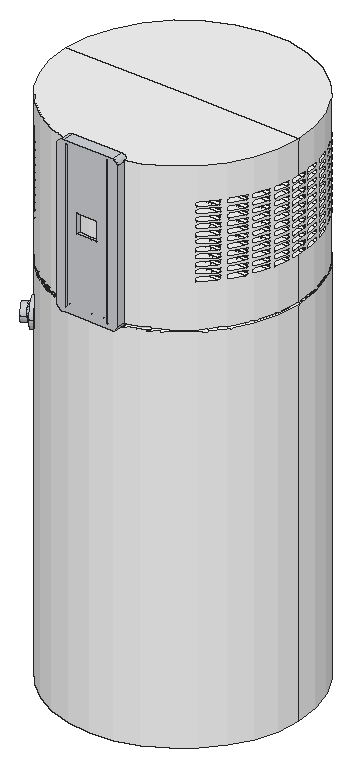
Revit family "STIEBEL ELTRON_WWK 222", category Generic Models, Revit 2022 (continued)
Forms (mm)
  Extrusion 8, void
    sketch origin (205, 414.536, 4650) x (0, -1, 0) y (0, 0, -1)
      loop
        line (168.254, 3407.334) -> (168.254, 3404.001)
        arc (168.254, 3404.001) -> (169.719, 3400.466) -> (173.254, 3399.001) r 5
      loop
        line (229.578, 3399.001) -> (265.902, 3399.001)
        arc (265.902, 3399.001) -> (269.438, 3400.466) -> (270.902, 3404.001) r 5
        line (270.902, 3404.001) -> (270.902, 3407.334)
        arc (270.902, 3407.334) -> (269.438, 3410.87) -> (265.902, 3412.334) r 5
        line (265.902, 3412.334) -> (229.578, 3412.334)
        arc (229.578, 3412.334) -> (226.043, 3410.87) -> (224.578, 3407.334) r 5
        line (224.578, 3407.334) -> (224.578, 3404.001)
        arc (224.578, 3404.001) -> (226.043, 3400.466) -> (229.578, 3399.001) r 5
      loop
        line (285.902, 3399.001) -> (322.226, 3399.001)
        arc (322.226, 3399.001) -> (325.762, 3400.466) -> (327.226, 3404.001) r 5
        line (327.226, 3404.001) -> (327.226, 3407.334)
        arc (327.226, 3407.334) -> (325.762, 3410.87) -> (322.226, 3412.334) r 5
        line (322.226, 3412.334) -> (285.902, 3412.334)
        arc (285.902, 3412.334) -> (282.367, 3410.87) -> (280.902, 3407.334) r 5
        line (280.902, 3407.334) -> (280.902, 3404.001)
        arc (280.902, 3404.001) -> (282.367, 3400.466) -> (285.902, 3399.001) r 5
    from 0 to 250
  Sweep 9, void
    path origin (0, 0, -357.5) x (1, 0, 0) y (0, 1, 0)
      loop
        circle (0, 0) r 345
    profile origin (0, -345, -357.5) x (0, -1, 0) y (0, 0, 1)
      loop
        arc (0, 1468.532) -> (-2.907, 1465.625) -> (0, 1462.718) r 2.907
        line (0, 1462.718) -> (0, 1468.532)
  Extrusion 10, solid
    sketch origin (0, 0, 0) x (1, 0, 0) y (0, -1, 0)
      loop
        line (-19.589, 258.388) -> (25.411, 258.388) -> (25.411, 278.388) -> (-19.589, 278.388) -> (-19.589, 258.388)
      loop
        line (-258.388, 19.589) -> (-278.388, 19.589) -> (-278.388, -25.411) -> (-258.388, -25.411) -> (-258.388, 19.589)
      loop
        line (258.388, 19.589) -> (258.388, -25.411) -> (278.388, -25.411) -> (278.388, 19.589) -> (258.388, 19.589)
      loop
        line (-19.589, -258.388) -> (-19.589, -278.388) -> (25.411, -278.388) -> (25.411, -258.388) -> (-19.589, -258.388)
    from 0 to 24
  Extrusion 11, void
    sketch origin (-205, 414.536, 4650) x (0, -1, 0) y (0, 0, 1)
      loop
        arc (342.226, -3199.001) -> (338.691, -3200.466) -> (337.226, -3204.001) r 5
        line (337.226, -3204.001) -> (337.226, -3207.334)
        arc (337.226, -3207.334) -> (338.691, -3210.87) -> (342.226, -3212.334) r 5
        line (342.226, -3212.334) -> (378.55, -3212.334)
        arc (378.55, -3212.334) -> (382.086, -3210.87) -> (383.55, -3207.334) r 5
        line (383.55, -3207.334) -> (383.55, -3204.001)
        arc (383.55, -3204.001) -> (382.086, -3200.466) -> (378.55, -3199.001) r 5
        line (378.55, -3199.001) -> (342.226, -3199.001)
      loop
        arc (398.55, -3199.001) -> (395.015, -3200.466) -> (393.55, -3204.001) r 5
        line (393.55, -3204.001) -> (393.55, -3207.334)
        arc (393.55, -3207.334) -> (395.015, -3210.87) -> (398.55, -3212.334) r 5
        line (398.55, -3212.334) -> (434.874, -3212.334)
        arc (434.874, -3212.334) -> (438.41, -3210.87) -> (439.874, -3207.334) r 5
        line (439.874, -3207.334) -> (439.874, -3204.001)
        arc (439.874, -3204.001) -> (438.41, -3200.466) -> (434.874, -3199.001) r 5
        line (434.874, -3199.001) -> (398.55, -3199.001)
      loop
        arc (454.874, -3199.001) -> (451.339, -3200.466) -> (449.874, -3204.001) r 5
        line (449.874, -3204.001) -> (449.874, -3207.334)
        arc (449.874, -3207.334) -> (451.339, -3210.87) -> (454.874, -3212.334) r 5
        line (454.874, -3212.334) -> (491.198, -3212.334)
        arc (491.198, -3212.334) -> (494.734, -3210.87) -> (496.198, -3207.334) r 5
        line (496.198, -3207.334) -> (496.198, -3204.001)
        arc (496.198, -3204.001) -> (494.734, -3200.466) -> (491.198, -3199.001) r 5
        line (491.198, -3199.001) -> (454.874, -3199.001)
      loop
        arc (511.198, -3199.001) -> (507.663, -3200.466) -> (506.198, -3204.001) r 5
        line (506.198, -3204.001) -> (506.198, -3207.334)
        arc (506.198, -3207.334) -> (507.663, -3210.87) -> (511.198, -3212.334) r 5
        line (511.198, -3212.334) -> (547.522, -3212.334)
        arc (547.522, -3212.334) -> (551.058, -3210.87) -> (552.522, -3207.334) r 5
        line (552.522, -3207.334) -> (552.522, -3204.001)
        arc (552.522, -3204.001) -> (551.058, -3200.466) -> (547.522, -3199.001) r 5
        line (547.522, -3199.001) -> (511.198, -3199.001)
      loop
        arc (567.522, -3199.001) -> (563.987, -3200.466) -> (562.522, -3204.001) r 5
        line (562.522, -3204.001) -> (562.522, -3207.334)
        arc (562.522, -3207.334) -> (563.987, -3210.87) -> (567.522, -3212.334) r 5
        line (567.522, -3212.334) -> (603.846, -3212.334)
        arc (603.846, -3212.334) -> (607.382, -3210.87) -> (608.846, -3207.334) r 5
        line (608.846, -3207.334) -> (608.846, -3204.001)
        arc (608.846, -3204.001) -> (607.382, -3200.466) -> (603.846, -3199.001) r 5
        line (603.846, -3199.001) -> (567.522, -3199.001)
      loop
        arc (623.846, -3199.001) -> (620.311, -3200.466) -> (618.846, -3204.001) r 5
        line (618.846, -3204.001) -> (618.846, -3207.334)
        arc (618.846, -3207.334) -> (620.311, -3210.87) -> (623.846, -3212.334) r 5
        line (623.846, -3212.334) -> (660.17, -3212.334)
        arc (660.17, -3212.334) -> (663.706, -3210.87) -> (665.17, -3207.334) r 5
        line (665.17, -3207.334) -> (665.17, -3204.001)
        arc (665.17, -3204.001) -> (663.706, -3200.466) -> (660.17, -3199.001) r 5
        line (660.17, -3199.001) -> (623.846, -3199.001)
      loop
        arc (173.254, -3199.001) -> (169.719, -3200.466) -> (168.254, -3204.001) r 5
        line (168.254, -3204.001) -> (168.254, -3207.334)
        arc (168.254, -3207.334) -> (169.719, -3210.87) -> (173.254, -3212.334) r 5
        line (173.254, -3212.334) -> (209.578, -3212.334)
        arc (209.578, -3212.334) -> (213.114, -3210.87) -> (214.578, -3207.334) r 5
        line (214.578, -3207.334) -> (214.578, -3204.001)
        arc (214.578, -3204.001) -> (213.114, -3200.466) -> (209.578, -3199.001) r 5
        line (209.578, -3199.001) -> (173.254, -3199.001)
      loop
        arc (229.578, -3199.001) -> (226.043, -3200.466) -> (224.578, -3204.001) r 5
        line (224.578, -3204.001) -> (224.578, -3207.334)
        arc (224.578, -3207.334) -> (226.043, -3210.87) -> (229.578, -3212.334) r 5
        line (229.578, -3212.334) -> (265.902, -3212.334)
        arc (265.902, -3212.334) -> (269.438, -3210.87) -> (270.902, -3207.334) r 5
        line (270.902, -3207.334) -> (270.902, -3204.001)
        arc (270.902, -3204.001) -> (269.438, -3200.466) -> (265.902, -3199.001) r 5
        line (265.902, -3199.001) -> (229.578, -3199.001)
      loop
        arc (285.902, -3199.001) -> (282.367, -3200.466) -> (280.902, -3204.001) r 5
        line (280.902, -3204.001) -> (280.902, -3207.334)
        arc (280.902, -3207.334) -> (282.367, -3210.87) -> (285.902, -3212.334) r 5
        line (285.902, -3212.334) -> (322.226, -3212.334)
        arc (322.226, -3212.334) -> (325.762, -3210.87) -> (327.226, -3207.334) r 5
        line (327.226, -3207.334) -> (327.226, -3204.001)
        arc (327.226, -3204.001) -> (325.762, -3200.466) -> (322.226, -3199.001) r 5
        line (322.226, -3199.001) -> (285.902, -3199.001)
      loop
        arc (342.226, -3219.001) -> (338.691, -3220.466) -> (337.226, -3224.001) r 5
        line (337.226, -3224.001) -> (337.226, -3227.334)
        arc (337.226, -3227.334) -> (338.691, -3230.87) -> (342.226, -3232.334) r 5
        line (342.226, -3232.334) -> (378.55, -3232.334)
        arc (378.55, -3232.334) -> (382.086, -3230.87) -> (383.55, -3227.334) r 5
        line (383.55, -3227.334) -> (383.55, -3224.001)
        arc (383.55, -3224.001) -> (382.086, -3220.466) -> (378.55, -3219.001) r 5
        line (378.55, -3219.001) -> (342.226, -3219.001)
      loop
        arc (398.55, -3219.001) -> (395.015, -3220.466) -> (393.55, -3224.001) r 5
        line (393.55, -3224.001) -> (393.55, -3227.334)
        arc (393.55, -3227.334) -> (395.015, -3230.87) -> (398.55, -3232.334) r 5
        line (398.55, -3232.334) -> (434.874, -3232.334)
        arc (434.874, -3232.334) -> (438.41, -3230.87) -> (439.874, -3227.334) r 5
        line (439.874, -3227.334) -> (439.874, -3224.001)
        arc (439.874, -3224.001) -> (438.41, -3220.466) -> (434.874, -3219.001) r 5
        line (434.874, -3219.001) -> (398.55, -3219.001)
      loop
        arc (454.874, -3219.001) -> (451.339, -3220.466) -> (449.874, -3224.001) r 5
        line (449.874, -3224.001) -> (449.874, -3227.334)
        arc (449.874, -3227.334) -> (451.339, -3230.87) -> (454.874, -3232.334) r 5
        line (454.874, -3232.334) -> (491.198, -3232.334)
        arc (491.198, -3232.334) -> (494.734, -3230.87) -> (496.198, -3227.334) r 5
        line (496.198, -3227.334) -> (496.198, -3224.001)
        arc (496.198, -3224.001) -> (494.734, -3220.466) -> (491.198, -3219.001) r 5
        line (491.198, -3219.001) -> (454.874, -3219.001)
      loop
        arc (511.198, -3219.001) -> (507.663, -3220.466) -> (506.198, -3224.001) r 5
        line (506.198, -3224.001) -> (506.198, -3227.334)
        arc (506.198, -3227.334) -> (507.663, -3230.87) -> (511.198, -3232.334) r 5
        line (511.198, -3232.334) -> (547.522, -3232.334)
        arc (547.522, -3232.334) -> (551.058, -3230.87) -> (552.522, -3227.334) r 5
        line (552.522, -3227.334) -> (552.522, -3224.001)
        arc (552.522, -3224.001) -> (551.058, -3220.466) -> (547.522, -3219.001) r 5
        line (547.522, -3219.001) -> (511.198, -3219.001)
      loop
        arc (567.522, -3219.001) -> (563.987, -3220.466) -> (562.522, -3224.001) r 5
        line (562.522, -3224.001) -> (562.522, -3227.334)
        arc (562.522, -3227.334) -> (563.987, -3230.87) -> (567.522, -3232.334) r 5
        line (567.522, -3232.334) -> (603.846, -3232.334)
        arc (603.846, -3232.334) -> (607.382, -3230.87) -> (608.846, -3227.334) r 5
        line (608.846, -3227.334) -> (608.846, -3224.001)
        arc (608.846, -3224.001) -> (607.382, -3220.466) -> (603.846, -3219.001) r 5
        line (603.846, -3219.001) -> (567.522, -3219.001)
      loop
        arc (623.846, -3219.001) -> (620.311, -3220.466) -> (618.846, -3224.001) r 5
        line (618.846, -3224.001) -> (618.846, -3227.334)
        arc (618.846, -3227.334) -> (620.311, -3230.87) -> (623.846, -3232.334) r 5
        line (623.846, -3232.334) -> (660.17, -3232.334)
        arc (660.17, -3232.334) -> (663.706, -3230.87) -> (665.17, -3227.334) r 5
        line (665.17, -3227.334) -> (665.17, -3224.001)
        arc (665.17, -3224.001) -> (663.706, -3220.466) -> (660.17, -3219.001) r 5
        line (660.17, -3219.001) -> (623.846, -3219.001)
      loop
        arc (173.254, -3219.001) -> (169.719, -3220.466) -> (168.254, -3224.001) r 5
        line (168.254, -3224.001) -> (168.254, -3227.334)
        arc (168.254, -3227.334) -> (169.719, -3230.87) -> (173.254, -3232.334) r 5
        line (173.254, -3232.334) -> (209.578, -3232.334)
        arc (209.578, -3232.334) -> (213.114, -3230.87) -> (214.578, -3227.334) r 5
        line (214.578, -3227.334) -> (214.578, -3224.001)
        arc (214.578, -3224.001) -> (213.114, -3220.466) -> (209.578, -3219.001) r 5
        line (209.578, -3219.001) -> (173.254, -3219.001)
      loop
        arc (229.578, -3219.001) -> (226.043, -3220.466) -> (224.578, -3224.001) r 5
        line (224.578, -3224.001) -> (224.578, -3227.334)
        arc (224.578, -3227.334) -> (226.043, -3230.87) -> (229.578, -3232.334) r 5
        line (229.578, -3232.334) -> (265.902, -3232.334)
        arc (265.902, -3232.334) -> (269.438, -3230.87) -> (270.902, -3227.334) r 5
        line (270.902, -3227.334) -> (270.902, -3224.001)
        arc (270.902, -3224.001) -> (269.438, -3220.466) -> (265.902, -3219.001) r 5
        line (265.902, -3219.001) -> (229.578, -3219.001)
      loop
        arc (285.902, -3219.001) -> (282.367, -3220.466) -> (280.902, -3224.001) r 5
        line (280.902, -3224.001) -> (280.902, -3227.334)
        arc (280.902, -3227.334) -> (282.367, -3230.87) -> (285.902, -3232.334) r 5
        line (285.902, -3232.334) -> (322.226, -3232.334)
        arc (322.226, -3232.334) -> (325.762, -3230.87) -> (327.226, -3227.334) r 5
        line (327.226, -3227.334) -> (327.226, -3224.001)
        arc (327.226, -3224.001) -> (325.762, -3220.466) -> (322.226, -3219.001) r 5
        line (322.226, -3219.001) -> (285.902, -3219.001)
      loop
        arc (342.226, -3239.001) -> (338.691, -3240.466) -> (337.226, -3244.001) r 5
        line (337.226, -3244.001) -> (337.226, -3247.334)
        arc (337.226, -3247.334) -> (338.691, -3250.87) -> (342.226, -3252.334) r 5
        line (342.226, -3252.334) -> (378.55, -3252.334)
        arc (378.55, -3252.334) -> (382.086, -3250.87) -> (383.55, -3247.334) r 5
        line (383.55, -3247.334) -> (383.55, -3244.001)
        arc (383.55, -3244.001) -> (382.086, -3240.466) -> (378.55, -3239.001) r 5
        line (378.55, -3239.001) -> (342.226, -3239.001)
      loop
        arc (398.55, -3239.001) -> (395.015, -3240.466) -> (393.55, -3244.001) r 5
        line (393.55, -3244.001) -> (393.55, -3247.334)
        arc (393.55, -3247.334) -> (395.015, -3250.87) -> (398.55, -3252.334) r 5
        line (398.55, -3252.334) -> (434.874, -3252.334)
        arc (434.874, -3252.334) -> (438.41, -3250.87) -> (439.874, -3247.334) r 5
        line (439.874, -3247.334) -> (439.874, -3244.001)
        arc (439.874, -3244.001) -> (438.41, -3240.466) -> (434.874, -3239.001) r 5
        line (434.874, -3239.001) -> (398.55, -3239.001)
      loop
        arc (454.874, -3239.001) -> (451.339, -3240.466) -> (449.874, -3244.001) r 5
        line (449.874, -3244.001) -> (449.874, -3247.334)
        arc (449.874, -3247.334) -> (451.339, -3250.87) -> (454.874, -3252.334) r 5
        line (454.874, -3252.334) -> (491.198, -3252.334)
        arc (491.198, -3252.334) -> (494.734, -3250.87) -> (496.198, -3247.334) r 5
        line (496.198, -3247.334) -> (496.198, -3244.001)
        arc (496.198, -3244.001) -> (494.734, -3240.466) -> (491.198, -3239.001) r 5
        line (491.198, -3239.001) -> (454.874, -3239.001)
      loop
        arc (511.198, -3239.001) -> (507.663, -3240.466) -> (506.198, -3244.001) r 5
        line (506.198, -3244.001) -> (506.198, -3247.334)
        arc (506.198, -3247.334) -> (507.663, -3250.87) -> (511.198, -3252.334) r 5
        line (511.198, -3252.334) -> (547.522, -3252.334)
        arc (547.522, -3252.334) -> (551.058, -3250.87) -> (552.522, -3247.334) r 5
        line (552.522, -3247.334) -> (552.522, -3244.001)
        arc (552.522, -3244.001) -> (551.058, -3240.466) -> (547.522, -3239.001) r 5
        line (547.522, -3239.001) -> (511.198, -3239.001)
      loop
        arc (567.522, -3239.001) -> (563.987, -3240.466) -> (562.522, -3244.001) r 5
        line (562.522, -3244.001) -> (562.522, -3247.334)
        arc (562.522, -3247.334) -> (563.987, -3250.87) -> (567.522, -3252.334) r 5
        line (567.522, -3252.334) -> (603.846, -3252.334)
        arc (603.846, -3252.334) -> (607.382, -3250.87) -> (608.846, -3247.334) r 5
        line (608.846, -3247.334) -> (608.846, -3244.001)
        arc (608.846, -3244.001) -> (607.382, -3240.466) -> (603.846, -3239.001) r 5
        line (603.846, -3239.001) -> (567.522, -3239.001)
      loop
        arc (623.846, -3239.001) -> (620.311, -3240.466) -> (618.846, -3244.001) r 5
        line (618.846, -3244.001) -> (618.846, -3247.334)
        arc (618.846, -3247.334) -> (620.311, -3250.87) -> (623.846, -3252.334) r 5
        line (623.846, -3252.334) -> (660.17, -3252.334)
        arc (660.17, -3252.334) -> (663.706, -3250.87) -> (665.17, -3247.334) r 5
        line (665.17, -3247.334) -> (665.17, -3244.001)
        arc (665.17, -3244.001) -> (663.706, -3240.466) -> (660.17, -3239.001) r 5
        line (660.17, -3239.001) -> (623.846, -3239.001)
      loop
        arc (173.254, -3239.001) -> (169.719, -3240.466) -> (168.254, -3244.001) r 5
        line (168.254, -3244.001) -> (168.254, -3247.334)
        arc (168.254, -3247.334) -> (169.719, -3250.87) -> (173.254, -3252.334) r 5
        line (173.254, -3252.334) -> (209.578, -3252.334)
        arc (209.578, -3252.334) -> (213.114, -3250.87) -> (214.578, -3247.334) r 5
        line (214.578, -3247.334) -> (214.578, -3244.001)
        arc (214.578, -3244.001) -> (213.114, -3240.466) -> (209.578, -3239.001) r 5
        line (209.578, -3239.001) -> (173.254, -3239.001)
      loop
        arc (229.578, -3239.001) -> (226.043, -3240.466) -> (224.578, -3244.001) r 5
        line (224.578, -3244.001) -> (224.578, -3247.334)
        arc (224.578, -3247.334) -> (226.043, -3250.87) -> (229.578, -3252.334) r 5
        line (229.578, -3252.334) -> (265.902, -3252.334)
        arc (265.902, -3252.334) -> (269.438, -3250.87) -> (270.902, -3247.334) r 5
        line (270.902, -3247.334) -> (270.902, -3244.001)
        arc (270.902, -3244.001) -> (269.438, -3240.466) -> (265.902, -3239.001) r 5
        line (265.902, -3239.001) -> (229.578, -3239.001)
      loop
        arc (285.902, -3239.001) -> (282.367, -3240.466) -> (280.902, -3244.001) r 5
        line (280.902, -3244.001) -> (280.902, -3247.334)
        arc (280.902, -3247.334) -> (282.367, -3250.87) -> (285.902, -3252.334) r 5
        line (285.902, -3252.334) -> (322.226, -3252.334)
        arc (322.226, -3252.334) -> (325.762, -3250.87) -> (327.226, -3247.334) r 5
        line (327.226, -3247.334) -> (327.226, -3244.001)
        arc (327.226, -3244.001) -> (325.762, -3240.466) -> (322.226, -3239.001) r 5
        line (322.226, -3239.001) -> (285.902, -3239.001)
      loop
        arc (342.226, -3259.001) -> (338.691, -3260.466) -> (337.226, -3264.001) r 5
        line (337.226, -3264.001) -> (337.226, -3267.334)
        arc (337.226, -3267.334) -> (338.691, -3270.87) -> (342.226, -3272.334) r 5
        line (342.226, -3272.334) -> (378.55, -3272.334)
        arc (378.55, -3272.334) -> (382.086, -3270.87) -> (383.55, -3267.334) r 5
        line (383.55, -3267.334) -> (383.55, -3264.001)
        arc (383.55, -3264.001) -> (382.086, -3260.466) -> (378.55, -3259.001) r 5
        line (378.55, -3259.001) -> (342.226, -3259.001)
      loop
        arc (398.55, -3259.001) -> (395.015, -3260.466) -> (393.55, -3264.001) r 5
        line (393.55, -3264.001) -> (393.55, -3267.334)
        arc (393.55, -3267.334) -> (395.015, -3270.87) -> (398.55, -3272.334) r 5
        line (398.55, -3272.334) -> (434.874, -3272.334)
        arc (434.874, -3272.334) -> (438.41, -3270.87) -> (439.874, -3267.334) r 5
        line (439.874, -3267.334) -> (439.874, -3264.001)
        arc (439.874, -3264.001) -> (438.41, -3260.466) -> (434.874, -3259.001) r 5
        line (434.874, -3259.001) -> (398.55, -3259.001)
      loop
        arc (454.874, -3259.001) -> (451.339, -3260.466) -> (449.874, -3264.001) r 5
        line (449.874, -3264.001) -> (449.874, -3267.334)
        arc (449.874, -3267.334) -> (451.339, -3270.87) -> (454.874, -3272.334) r 5
        line (454.874, -3272.334) -> (491.198, -3272.334)
        arc (491.198, -3272.334) -> (494.734, -3270.87) -> (496.198, -3267.334) r 5
        line (496.198, -3267.334) -> (496.198, -3264.001)
        arc (496.198, -3264.001) -> (494.734, -3260.466) -> (491.198, -3259.001) r 5
        line (491.198, -3259.001) -> (454.874, -3259.001)
      loop
        arc (511.198, -3259.001) -> (507.663, -3260.466) -> (506.198, -3264.001) r 5
        line (506.198, -3264.001) -> (506.198, -3267.334)
        arc (506.198, -3267.334) -> (507.663, -3270.87) -> (511.198, -3272.334) r 5
        line (511.198, -3272.334) -> (547.522, -3272.334)
        arc (547.522, -3272.334) -> (551.058, -3270.87) -> (552.522, -3267.334) r 5
        line (552.522, -3267.334) -> (552.522, -3264.001)
        arc (552.522, -3264.001) -> (551.058, -3260.466) -> (547.522, -3259.001) r 5
        line (547.522, -3259.001) -> (511.198, -3259.001)
      loop
        arc (567.522, -3259.001) -> (563.987, -3260.466) -> (562.522, -3264.001) r 5
        line (562.522, -3264.001) -> (562.522, -3267.334)
        arc (562.522, -3267.334) -> (563.987, -3270.87) -> (567.522, -3272.334) r 5
        line (567.522, -3272.334) -> (603.846, -3272.334)
        arc (603.846, -3272.334) -> (607.382, -3270.87) -> (608.846, -3267.334) r 5
        line (608.846, -3267.334) -> (608.846, -3264.001)
        arc (608.846, -3264.001) -> (607.382, -3260.466) -> (603.846, -3259.001) r 5
        line (603.846, -3259.001) -> (567.522, -3259.001)
      loop
        arc (623.846, -3259.001) -> (620.311, -3260.466) -> (618.846, -3264.001) r 5
        line (618.846, -3264.001) -> (618.846, -3267.334)
        arc (618.846, -3267.334) -> (620.311, -3270.87) -> (623.846, -3272.334) r 5
        line (623.846, -3272.334) -> (660.17, -3272.334)
        arc (660.17, -3272.334) -> (663.706, -3270.87) -> (665.17, -3267.334) r 5
        line (665.17, -3267.334) -> (665.17, -3264.001)
        arc (665.17, -3264.001) -> (663.706, -3260.466) -> (660.17, -3259.001) r 5
        line (660.17, -3259.001) -> (623.846, -3259.001)
      loop
        arc (173.254, -3259.001) -> (169.719, -3260.466) -> (168.254, -3264.001) r 5
        line (168.254, -3264.001) -> (168.254, -3267.334)
        arc (168.254, -3267.334) -> (169.719, -3270.87) -> (173.254, -3272.334) r 5
        line (173.254, -3272.334) -> (209.578, -3272.334)
        arc (209.578, -3272.334) -> (213.114, -3270.87) -> (214.578, -3267.334) r 5
        line (214.578, -3267.334) -> (214.578, -3264.001)
        arc (214.578, -3264.001) -> (213.114, -3260.466) -> (209.578, -3259.001) r 5
        line (209.578, -3259.001) -> (173.254, -3259.001)
      loop
        arc (229.578, -3259.001) -> (226.043, -3260.466) -> (224.578, -3264.001) r 5
        line (224.578, -3264.001) -> (224.578, -3267.334)
        arc (224.578, -3267.334) -> (226.043, -3270.87) -> (229.578, -3272.334) r 5
        line (229.578, -3272.334) -> (265.902, -3272.334)
        arc (265.902, -3272.334) -> (269.438, -3270.87) -> (270.902, -3267.334) r 5
        line (270.902, -3267.334) -> (270.902, -3264.001)
        arc (270.902, -3264.001) -> (269.438, -3260.466) -> (265.902, -3259.001) r 5
        line (265.902, -3259.001) -> (229.578, -3259.001)
      loop
        arc (285.902, -3259.001) -> (282.367, -3260.466) -> (280.902, -3264.001) r 5
        line (280.902, -3264.001) -> (280.902, -3267.334)
        arc (280.902, -3267.334) -> (282.367, -3270.87) -> (285.902, -3272.334) r 5
        line (285.902, -3272.334) -> (322.226, -3272.334)
        arc (322.226, -3272.334) -> (325.762, -3270.87) -> (327.226, -3267.334) r 5
        line (327.226, -3267.334) -> (327.226, -3264.001)
        arc (327.226, -3264.001) -> (325.762, -3260.466) -> (322.226, -3259.001) r 5
        line (322.226, -3259.001) -> (285.902, -3259.001)
      loop
        arc (342.226, -3279.001) -> (338.691, -3280.466) -> (337.226, -3284.001) r 5
        line (337.226, -3284.001) -> (337.226, -3287.334)
        arc (337.226, -3287.334) -> (338.691, -3290.87) -> (342.226, -3292.334) r 5
        line (342.226, -3292.334) -> (378.55, -3292.334)
        arc (378.55, -3292.334) -> (382.086, -3290.87) -> (383.55, -3287.334) r 5
        line (383.55, -3287.334) -> (383.55, -3284.001)
        arc (383.55, -3284.001) -> (382.086, -3280.466) -> (378.55, -3279.001) r 5
        line (378.55, -3279.001) -> (342.226, -3279.001)
      loop
        arc (398.55, -3279.001) -> (395.015, -3280.466) -> (393.55, -3284.001) r 5
        line (393.55, -3284.001) -> (393.55, -3287.334)
        arc (393.55, -3287.334) -> (395.015, -3290.87) -> (398.55, -3292.334) r 5
        line (398.55, -3292.334) -> (434.874, -3292.334)
        arc (434.874, -3292.334) -> (438.41, -3290.87) -> (439.874, -3287.334) r 5
        line (439.874, -3287.334) -> (439.874, -3284.001)
        arc (439.874, -3284.001) -> (438.41, -3280.466) -> (434.874, -3279.001) r 5
        line (434.874, -3279.001) -> (398.55, -3279.001)
      loop
        arc (454.874, -3279.001) -> (451.339, -3280.466) -> (449.874, -3284.001) r 5
        line (449.874, -3284.001) -> (449.874, -3287.334)
        arc (449.874, -3287.334) -> (451.339, -3290.87) -> (454.874, -3292.334) r 5
        line (454.874, -3292.334) -> (491.198, -3292.334)
        arc (491.198, -3292.334) -> (494.734, -3290.87) -> (496.198, -3287.334) r 5
        line (496.198, -3287.334) -> (496.198, -3284.001)
        arc (496.198, -3284.001) -> (494.734, -3280.466) -> (491.198, -3279.001) r 5
        line (491.198, -3279.001) -> (454.874, -3279.001)
      loop
        arc (511.198, -3279.001) -> (507.663, -3280.466) -> (506.198, -3284.001) r 5
        line (506.198, -3284.001) -> (506.198, -3287.334)
        arc (506.198, -3287.334) -> (507.663, -3290.87) -> (511.198, -3292.334) r 5
        line (511.198, -3292.334) -> (547.522, -3292.334)
        arc (547.522, -3292.334) -> (551.058, -3290.87) -> (552.522, -3287.334) r 5
        line (552.522, -3287.334) -> (552.522, -3284.001)
        arc (552.522, -3284.001) -> (551.058, -3280.466) -> (547.522, -3279.001) r 5
        line (547.522, -3279.001) -> (511.198, -3279.001)
      loop
        arc (567.522, -3279.001) -> (563.987, -3280.466) -> (562.522, -3284.001) r 5
        line (562.522, -3284.001) -> (562.522, -3287.334)
        arc (562.522, -3287.334) -> (563.987, -3290.87) -> (567.522, -3292.334) r 5
        line (567.522, -3292.334) -> (603.846, -3292.334)
        arc (603.846, -3292.334) -> (607.382, -3290.87) -> (608.846, -3287.334) r 5
        line (608.846, -3287.334) -> (608.846, -3284.001)
        arc (608.846, -3284.001) -> (607.382, -3280.466) -> (603.846, -3279.001) r 5
        line (603.846, -3279.001) -> (567.522, -3279.001)
      loop
        arc (623.846, -3279.001) -> (620.311, -3280.466) -> (618.846, -3284.001) r 5
        line (618.846, -3284.001) -> (618.846, -3287.334)
        arc (618.846, -3287.334) -> (620.311, -3290.87) -> (623.846, -3292.334) r 5
        line (623.846, -3292.334) -> (660.17, -3292.334)
        arc (660.17, -3292.334) -> (663.706, -3290.87) -> (665.17, -3287.334) r 5
        line (665.17, -3287.334) -> (665.17, -3284.001)
        arc (665.17, -3284.001) -> (663.706, -3280.466) -> (660.17, -3279.001) r 5
        line (660.17, -3279.001) -> (623.846, -3279.001)
      loop
        arc (173.254, -3279.001) -> (169.719, -3280.466) -> (168.254, -3284.001) r 5
        line (168.254, -3284.001) -> (168.254, -3287.334)
        arc (168.254, -3287.334) -> (169.719, -3290.87) -> (173.254, -3292.334) r 5
        line (173.254, -3292.334) -> (209.578, -3292.334)
        arc (209.578, -3292.334) -> (213.114, -3290.87) -> (214.578, -3287.334) r 5
        line (214.578, -3287.334) -> (214.578, -3284.001)
        arc (214.578, -3284.001) -> (213.114, -3280.466) -> (209.578, -3279.001) r 5
        line (209.578, -3279.001) -> (173.254, -3279.001)
      loop
        arc (229.578, -3279.001) -> (226.043, -3280.466) -> (224.578, -3284.001) r 5
        line (224.578, -3284.001) -> (224.578, -3287.334)
        arc (224.578, -3287.334) -> (226.043, -3290.87) -> (229.578, -3292.334) r 5
        line (229.578, -3292.334) -> (265.902, -3292.334)
        arc (265.902, -3292.334) -> (269.438, -3290.87) -> (270.902, -3287.334) r 5
        line (270.902, -3287.334) -> (270.902, -3284.001)
        arc (270.902, -3284.001) -> (269.438, -3280.466) -> (265.902, -3279.001) r 5
        line (265.902, -3279.001) -> (229.578, -3279.001)
      loop
        arc (285.902, -3279.001) -> (282.367, -3280.466) -> (280.902, -3284.001) r 5
        line (280.902, -3284.001) -> (280.902, -3287.334)
        arc (280.902, -3287.334) -> (282.367, -3290.87) -> (285.902, -3292.334) r 5
        line (285.902, -3292.334) -> (322.226, -3292.334)
        arc (322.226, -3292.334) -> (325.762, -3290.87) -> (327.226, -3287.334) r 5
        line (327.226, -3287.334) -> (327.226, -3284.001)
        arc (327.226, -3284.001) -> (325.762, -3280.466) -> (322.226, -3279.001) r 5
        line (322.226, -3279.001) -> (285.902, -3279.001)
      loop
        arc (342.226, -3299.001) -> (338.691, -3300.466) -> (337.226, -3304.001) r 5
        line (337.226, -3304.001) -> (337.226, -3307.334)
        arc (337.226, -3307.334) -> (338.691, -3310.87) -> (342.226, -3312.334) r 5
        line (342.226, -3312.334) -> (378.55, -3312.334)
        arc (378.55, -3312.334) -> (382.086, -3310.87) -> (383.55, -3307.334) r 5
        line (383.55, -3307.334) -> (383.55, -3304.001)
        arc (383.55, -3304.001) -> (382.086, -3300.466) -> (378.55, -3299.001) r 5
        line (378.55, -3299.001) -> (342.226, -3299.001)
      loop
        arc (398.55, -3299.001) -> (395.015, -3300.466) -> (393.55, -3304.001) r 5
        line (393.55, -3304.001) -> (393.55, -3307.334)
        arc (393.55, -3307.334) -> (395.015, -3310.87) -> (398.55, -3312.334) r 5
        line (398.55, -3312.334) -> (434.874, -3312.334)
        arc (434.874, -3312.334) -> (438.41, -3310.87) -> (439.874, -3307.334) r 5
        line (439.874, -3307.334) -> (439.874, -3304.001)
        arc (439.874, -3304.001) -> (438.41, -3300.466) -> (434.874, -3299.001) r 5
        line (434.874, -3299.001) -> (398.55, -3299.001)
      loop
        arc (454.874, -3299.001) -> (451.339, -3300.466) -> (449.874, -3304.001) r 5
        line (449.874, -3304.001) -> (449.874, -3307.334)
        arc (449.874, -3307.334) -> (451.339, -3310.87) -> (454.874, -3312.334) r 5
        line (454.874, -3312.334) -> (491.198, -3312.334)
        arc (491.198, -3312.334) -> (494.734, -3310.87) -> (496.198, -3307.334) r 5
        line (496.198, -3307.334) -> (496.198, -3304.001)
        arc (496.198, -3304.001) -> (494.734, -3300.466) -> (491.198, -3299.001) r 5
        line (491.198, -3299.001) -> (454.874, -3299.001)
      loop
        arc (511.198, -3299.001) -> (507.663, -3300.466) -> (506.198, -3304.001) r 5
        line (506.198, -3304.001) -> (506.198, -3307.334)
        arc (506.198, -3307.334) -> (507.663, -3310.87) -> (511.198, -3312.334) r 5
        line (511.198, -3312.334) -> (547.522, -3312.334)
        arc (547.522, -3312.334) -> (551.058, -3310.87) -> (552.522, -3307.334) r 5
        line (552.522, -3307.334) -> (552.522, -3304.001)
        arc (552.522, -3304.001) -> (551.058, -3300.466) -> (547.522, -3299.001) r 5
        line (547.522, -3299.001) -> (511.198, -3299.001)
      loop
        arc (567.522, -3299.001) -> (563.987, -3300.466) -> (562.522, -3304.001) r 5
        line (562.522, -3304.001) -> (562.522, -3307.334)
        arc (562.522, -3307.334) -> (563.987, -3310.87) -> (567.522, -3312.334) r 5
        line (567.522, -3312.334) -> (603.846, -3312.334)
        arc (603.846, -3312.334) -> (607.382, -3310.87) -> (608.846, -3307.334) r 5
        line (608.846, -3307.334) -> (608.846, -3304.001)
        arc (608.846, -3304.001) -> (607.382, -3300.466) -> (603.846, -3299.001) r 5
        line (603.846, -3299.001) -> (567.522, -3299.001)
      loop
        arc (623.846, -3299.001) -> (620.311, -3300.466) -> (618.846, -3304.001) r 5
        line (618.846, -3304.001) -> (618.846, -3307.334)
        arc (618.846, -3307.334) -> (620.311, -3310.87) -> (623.846, -3312.334) r 5
        line (623.846, -3312.334) -> (660.17, -3312.334)
        arc (660.17, -3312.334) -> (663.706, -3310.87) -> (665.17, -3307.334) r 5
        line (665.17, -3307.334) -> (665.17, -3304.001)
        arc (665.17, -3304.001) -> (663.706, -3300.466) -> (660.17, -3299.001) r 5
        line (660.17, -3299.001) -> (623.846, -3299.001)
      loop
        arc (173.254, -3299.001) -> (169.719, -3300.466) -> (168.254, -3304.001) r 5
        line (168.254, -3304.001) -> (168.254, -3307.334)
        arc (168.254, -3307.334) -> (169.719, -3310.87) -> (173.254, -3312.334) r 5
        line (173.254, -3312.334) -> (209.578, -3312.334)
        arc (209.578, -3312.334) -> (213.114, -3310.87) -> (214.578, -3307.334) r 5
        line (214.578, -3307.334) -> (214.578, -3304.001)
        arc (214.578, -3304.001) -> (213.114, -3300.466) -> (209.578, -3299.001) r 5
        line (209.578, -3299.001) -> (173.254, -3299.001)
      loop
        arc (229.578, -3299.001) -> (226.043, -3300.466) -> (224.578, -3304.001) r 5
        line (224.578, -3304.001) -> (224.578, -3307.334)
        arc (224.578, -3307.334) -> (226.043, -3310.87) -> (229.578, -3312.334) r 5
        line (229.578, -3312.334) -> (265.902, -3312.334)
        arc (265.902, -3312.334) -> (269.438, -3310.87) -> (270.902, -3307.334) r 5
        line (270.902, -3307.334) -> (270.902, -3304.001)
        arc (270.902, -3304.001) -> (269.438, -3300.466) -> (265.902, -3299.001) r 5
        line (265.902, -3299.001) -> (229.578, -3299.001)
      loop
        arc (285.902, -3299.001) -> (282.367, -3300.466) -> (280.902, -3304.001) r 5
        line (280.902, -3304.001) -> (280.902, -3307.334)
        arc (280.902, -3307.334) -> (282.367, -3310.87) -> (285.902, -3312.334) r 5
        line (285.902, -3312.334) -> (322.226, -3312.334)
        arc (322.226, -3312.334) -> (325.762, -3310.87) -> (327.226, -3307.334) r 5
        line (327.226, -3307.334) -> (327.226, -3304.001)
        arc (327.226, -3304.001) -> (325.762, -3300.466) -> (322.226, -3299.001) r 5
        line (322.226, -3299.001) -> (285.902, -3299.001)
      loop
        arc (342.226, -3319.001) -> (338.691, -3320.466) -> (337.226, -3324.001) r 5
        line (337.226, -3324.001) -> (337.226, -3327.334)
        arc (337.226, -3327.334) -> (338.691, -3330.87) -> (342.226, -3332.334) r 5
        line (342.226, -3332.334) -> (378.55, -3332.334)
        arc (378.55, -3332.334) -> (382.086, -3330.87) -> (383.55, -3327.334) r 5
        line (383.55, -3327.334) -> (383.55, -3324.001)
        arc (383.55, -3324.001) -> (382.086, -3320.466) -> (378.55, -3319.001) r 5
        line (378.55, -3319.001) -> (342.226, -3319.001)
      loop
        arc (398.55, -3319.001) -> (395.015, -3320.466) -> (393.55, -3324.001) r 5
        line (393.55, -3324.001) -> (393.55, -3327.334)
        arc (393.55, -3327.334) -> (395.015, -3330.87) -> (398.55, -3332.334) r 5
        line (398.55, -3332.334) -> (434.874, -3332.334)
        arc (434.874, -3332.334) -> (438.41, -3330.87) -> (439.874, -3327.334) r 5
        line (439.874, -3327.334) -> (439.874, -3324.001)
        arc (439.874, -3324.001) -> (438.41, -3320.466) -> (434.874, -3319.001) r 5
        line (434.874, -3319.001) -> (398.55, -3319.001)
      loop
        arc (454.874, -3319.001) -> (451.339, -3320.466) -> (449.874, -3324.001) r 5
        line (449.874, -3324.001) -> (449.874, -3327.334)
        arc (449.874, -3327.334) -> (451.339, -3330.87) -> (454.874, -3332.334) r 5
        line (454.874, -3332.334) -> (491.198, -3332.334)
        arc (491.198, -3332.334) -> (494.734, -3330.87) -> (496.198, -3327.334) r 5
        line (496.198, -3327.334) -> (496.198, -3324.001)
        arc (496.198, -3324.001) -> (494.734, -3320.466) -> (491.198, -3319.001) r 5
        line (491.198, -3319.001) -> (454.874, -3319.001)
      loop
        arc (511.198, -3319.001) -> (507.663, -3320.466) -> (506.198, -3324.001) r 5
        line (506.198, -3324.001) -> (506.198, -3327.334)
        arc (506.198, -3327.334) -> (507.663, -3330.87) -> (511.198, -3332.334) r 5
        line (511.198, -3332.334) -> (547.522, -3332.334)
        arc (547.522, -3332.334) -> (551.058, -3330.87) -> (552.522, -3327.334) r 5
        line (552.522, -3327.334) -> (552.522, -3324.001)
        arc (552.522, -3324.001) -> (551.058, -3320.466) -> (547.522, -3319.001) r 5
        line (547.522, -3319.001) -> (511.198, -3319.001)
      loop
        arc (567.522, -3319.001) -> (563.987, -3320.466) -> (562.522, -3324.001) r 5
        line (562.522, -3324.001) -> (562.522, -3327.334)
        arc (562.522, -3327.334) -> (563.987, -3330.87) -> (567.522, -3332.334) r 5
        line (567.522, -3332.334) -> (603.846, -3332.334)
        arc (603.846, -3332.334) -> (607.382, -3330.87) -> (608.846, -3327.334) r 5
        line (608.846, -3327.334) -> (608.846, -3324.001)
        arc (608.846, -3324.001) -> (607.382, -3320.466) -> (603.846, -3319.001) r 5
        line (603.846, -3319.001) -> (567.522, -3319.001)
      loop
        arc (623.846, -3319.001) -> (620.311, -3320.466) -> (618.846, -3324.001) r 5
        line (618.846, -3324.001) -> (618.846, -3327.334)
        arc (618.846, -3327.334) -> (620.311, -3330.87) -> (623.846, -3332.334) r 5
        line (623.846, -3332.334) -> (660.17, -3332.334)
        arc (660.17, -3332.334) -> (663.706, -3330.87) -> (665.17, -3327.334) r 5
        line (665.17, -3327.334) -> (665.17, -3324.001)
        arc (665.17, -3324.001) -> (663.706, -3320.466) -> (660.17, -3319.001) r 5
        line (660.17, -3319.001) -> (623.846, -3319.001)
      loop
        arc (173.254, -3319.001) -> (169.719, -3320.466) -> (168.254, -3324.001) r 5
        line (168.254, -3324.001) -> (168.254, -3327.334)
        arc (168.254, -3327.334) -> (169.719, -3330.87) -> (173.254, -3332.334) r 5
        line (173.254, -3332.334) -> (209.578, -3332.334)
        arc (209.578, -3332.334) -> (213.114, -3330.87) -> (214.578, -3327.334) r 5
        line (214.578, -3327.334) -> (214.578, -3324.001)
        arc (214.578, -3324.001) -> (213.114, -3320.466) -> (209.578, -3319.001) r 5
        line (209.578, -3319.001) -> (173.254, -3319.001)
      loop
        arc (229.578, -3319.001) -> (226.043, -3320.466) -> (224.578, -3324.001) r 5
        line (224.578, -3324.001) -> (224.578, -3327.334)
        arc (224.578, -3327.334) -> (226.043, -3330.87) -> (229.578, -3332.334) r 5
        line (229.578, -3332.334) -> (265.902, -3332.334)
        arc (265.902, -3332.334) -> (269.438, -3330.87) -> (270.902, -3327.334) r 5
        line (270.902, -3327.334) -> (270.902, -3324.001)
        arc (270.902, -3324.001) -> (269.438, -3320.466) -> (265.902, -3319.001) r 5
        line (265.902, -3319.001) -> (229.578, -3319.001)
      loop
        arc (285.902, -3319.001) -> (282.367, -3320.466) -> (280.902, -3324.001) r 5
        line (280.902, -3324.001) -> (280.902, -3327.334)
        arc (280.902, -3327.334) -> (282.367, -3330.87) -> (285.902, -3332.334) r 5
        line (285.902, -3332.334) -> (322.226, -3332.334)
        arc (322.226, -3332.334) -> (325.762, -3330.87) -> (327.226, -3327.334) r 5
        line (327.226, -3327.334) -> (327.226, -3324.001)
        arc (327.226, -3324.001) -> (325.762, -3320.466) -> (322.226, -3319.001) r 5
        line (322.226, -3319.001) -> (285.902, -3319.001)
      loop
        arc (342.226, -3339.001) -> (338.691, -3340.466) -> (337.226, -3344.001) r 5
        line (337.226, -3344.001) -> (337.226, -3347.334)
        arc (337.226, -3347.334) -> (338.691, -3350.87) -> (342.226, -3352.334) r 5
        line (342.226, -3352.334) -> (378.55, -3352.334)
        arc (378.55, -3352.334) -> (382.086, -3350.87) -> (383.55, -3347.334) r 5
        line (383.55, -3347.334) -> (383.55, -3344.001)
        arc (383.55, -3344.001) -> (382.086, -3340.466) -> (378.55, -3339.001) r 5
        line (378.55, -3339.001) -> (342.226, -3339.001)
      loop
        arc (398.55, -3339.001) -> (395.015, -3340.466) -> (393.55, -3344.001) r 5
        line (393.55, -3344.001) -> (393.55, -3347.334)
        arc (393.55, -3347.334) -> (395.015, -3350.87) -> (398.55, -3352.334) r 5
        line (398.55, -3352.334) -> (434.874, -3352.334)
        arc (434.874, -3352.334) -> (438.41, -3350.87) -> (439.874, -3347.334) r 5
        line (439.874, -3347.334) -> (439.874, -3344.001)
        arc (439.874, -3344.001) -> (438.41, -3340.466) -> (434.874, -3339.001) r 5
        line (434.874, -3339.001) -> (398.55, -3339.001)
      loop
        arc (454.874, -3339.001) -> (451.339, -3340.466) -> (449.874, -3344.001) r 5
        line (449.874, -3344.001) -> (449.874, -3347.334)
        arc (449.874, -3347.334) -> (451.339, -3350.87) -> (454.874, -3352.334) r 5
        line (454.874, -3352.334) -> (491.198, -3352.334)
        arc (491.198, -3352.334) -> (494.734, -3350.87) -> (496.198, -3347.334) r 5
        line (496.198, -3347.334) -> (496.198, -3344.001)
        arc (496.198, -3344.001) -> (494.734, -3340.466) -> (491.198, -3339.001) r 5
        line (491.198, -3339.001) -> (454.874, -3339.001)
      loop
        arc (511.198, -3339.001) -> (507.663, -3340.466) -> (506.198, -3344.001) r 5
        line (506.198, -3344.001) -> (506.198, -3347.334)
        arc (506.198, -3347.334) -> (507.663, -3350.87) -> (511.198, -3352.334) r 5
        line (511.198, -3352.334) -> (547.522, -3352.334)
        arc (547.522, -3352.334) -> (551.058, -3350.87) -> (552.522, -3347.334) r 5
        line (552.522, -3347.334) -> (552.522, -3344.001)
        arc (552.522, -3344.001) -> (551.058, -3340.466) -> (547.522, -3339.001) r 5
        line (547.522, -3339.001) -> (511.198, -3339.001)
      loop
        arc (567.522, -3339.001) -> (563.987, -3340.466) -> (562.522, -3344.001) r 5
        line (562.522, -3344.001) -> (562.522, -3347.334)
        arc (562.522, -3347.334) -> (563.987, -3350.87) -> (567.522, -3352.334) r 5
        line (567.522, -3352.334) -> (603.846, -3352.334)
        arc (603.846, -3352.334) -> (607.382, -3350.87) -> (608.846, -3347.334) r 5
        line (608.846, -3347.334) -> (608.846, -3344.001)
        arc (608.846, -3344.001) -> (607.382, -3340.466) -> (603.846, -3339.001) r 5
        line (603.846, -3339.001) -> (567.522, -3339.001)
      loop
        arc (623.846, -3339.001) -> (620.311, -3340.466) -> (618.846, -3344.001) r 5
        line (618.846, -3344.001) -> (618.846, -3347.334)
        arc (618.846, -3347.334) -> (620.311, -3350.87) -> (623.846, -3352.334) r 5
        line (623.846, -3352.334) -> (660.17, -3352.334)
        arc (660.17, -3352.334) -> (663.706, -3350.87) -> (665.17, -3347.334) r 5
        line (665.17, -3347.334) -> (665.17, -3344.001)
        arc (665.17, -3344.001) -> (663.706, -3340.466) -> (660.17, -3339.001) r 5
        line (660.17, -3339.001) -> (623.846, -3339.001)
      loop
        arc (173.254, -3339.001) -> (169.719, -3340.466) -> (168.254, -3344.001) r 5
        line (168.254, -3344.001) -> (168.254, -3347.334)
        arc (168.254, -3347.334) -> (169.719, -3350.87) -> (173.254, -3352.334) r 5
        line (173.254, -3352.334) -> (209.578, -3352.334)
        arc (209.578, -3352.334) -> (213.114, -3350.87) -> (214.578, -3347.334) r 5
        line (214.578, -3347.334) -> (214.578, -3344.001)
        arc (214.578, -3344.001) -> (213.114, -3340.466) -> (209.578, -3339.001) r 5
        line (209.578, -3339.001) -> (173.254, -3339.001)
      loop
        arc (229.578, -3339.001) -> (226.043, -3340.466) -> (224.578, -3344.001) r 5
        line (224.578, -3344.001) -> (224.578, -3347.334)
        arc (224.578, -3347.334) -> (226.043, -3350.87) -> (229.578, -3352.334) r 5
        line (229.578, -3352.334) -> (265.902, -3352.334)
        arc (265.902, -3352.334) -> (269.438, -3350.87) -> (270.902, -3347.334) r 5
        line (270.902, -3347.334) -> (270.902, -3344.001)
        arc (270.902, -3344.001) -> (269.438, -3340.466) -> (265.902, -3339.001) r 5
        line (265.902, -3339.001) -> (229.578, -3339.001)
      loop
        arc (285.902, -3339.001) -> (282.367, -3340.466) -> (280.902, -3344.001) r 5
        line (280.902, -3344.001) -> (280.902, -3347.334)
        arc (280.902, -3347.334) -> (282.367, -3350.87) -> (285.902, -3352.334) r 5
        line (285.902, -3352.334) -> (322.226, -3352.334)
        arc (322.226, -3352.334) -> (325.762, -3350.87) -> (327.226, -3347.334) r 5
        line (327.226, -3347.334) -> (327.226, -3344.001)
        arc (327.226, -3344.001) -> (325.762, -3340.466) -> (322.226, -3339.001) r 5
        line (322.226, -3339.001) -> (285.902, -3339.001)
      loop
        arc (342.226, -3359.001) -> (338.691, -3360.466) -> (337.226, -3364.001) r 5
        line (337.226, -3364.001) -> (337.226, -3367.334)
        arc (337.226, -3367.334) -> (338.691, -3370.87) -> (342.226, -3372.334) r 5
        line (342.226, -3372.334) -> (378.55, -3372.334)
        arc (378.55, -3372.334) -> (382.086, -3370.87) -> (383.55, -3367.334) r 5
        line (383.55, -3367.334) -> (383.55, -3364.001)
        arc (383.55, -3364.001) -> (382.086, -3360.466) -> (378.55, -3359.001) r 5
        line (378.55, -3359.001) -> (342.226, -3359.001)
      loop
        arc (398.55, -3359.001) -> (395.015, -3360.466) -> (393.55, -3364.001) r 5
        line (393.55, -3364.001) -> (393.55, -3367.334)
        arc (393.55, -3367.334) -> (395.015, -3370.87) -> (398.55, -3372.334) r 5
        line (398.55, -3372.334) -> (434.874, -3372.334)
        arc (434.874, -3372.334) -> (438.41, -3370.87) -> (439.874, -3367.334) r 5
        line (439.874, -3367.334) -> (439.874, -3364.001)
        arc (439.874, -3364.001) -> (438.41, -3360.466) -> (434.874, -3359.001) r 5
        line (434.874, -3359.001) -> (398.55, -3359.001)
      loop
        arc (454.874, -3359.001) -> (451.339, -3360.466) -> (449.874, -3364.001) r 5
        line (449.874, -3364.001) -> (449.874, -3367.334)
        arc (449.874, -3367.334) -> (451.339, -3370.87) -> (454.874, -3372.334) r 5
        line (454.874, -3372.334) -> (491.198, -3372.334)
        arc (491.198, -3372.334) -> (494.734, -3370.87) -> (496.198, -3367.334) r 5
        line (496.198, -3367.334) -> (496.198, -3364.001)
        arc (496.198, -3364.001) -> (494.734, -3360.466) -> (491.198, -3359.001) r 5
        line (491.198, -3359.001) -> (454.874, -3359.001)
      loop
        arc (511.198, -3359.001) -> (507.663, -3360.466) -> (506.198, -3364.001) r 5
        line (506.198, -3364.001) -> (506.198, -3367.334)
        arc (506.198, -3367.334) -> (507.663, -3370.87) -> (511.198, -3372.334) r 5
        line (511.198, -3372.334) -> (547.522, -3372.334)
        arc (547.522, -3372.334) -> (551.058, -3370.87) -> (552.522, -3367.334) r 5
        line (552.522, -3367.334) -> (552.522, -3364.001)
        arc (552.522, -3364.001) -> (551.058, -3360.466) -> (547.522, -3359.001) r 5
        line (547.522, -3359.001) -> (511.198, -3359.001)
      loop
        arc (567.522, -3359.001) -> (563.987, -3360.466) -> (562.522, -3364.001) r 5
        line (562.522, -3364.001) -> (562.522, -3367.334)
        arc (562.522, -3367.334) -> (563.987, -3370.87) -> (567.522, -3372.334) r 5
        line (567.522, -3372.334) -> (603.846, -3372.334)
        arc (603.846, -3372.334) -> (607.382, -3370.87) -> (608.846, -3367.334) r 5
        line (608.846, -3367.334) -> (608.846, -3364.001)
        arc (608.846, -3364.001) -> (607.382, -3360.466) -> (603.846, -3359.001) r 5
        line (603.846, -3359.001) -> (567.522, -3359.001)
      loop
        arc (623.846, -3359.001) -> (620.311, -3360.466) -> (618.846, -3364.001) r 5
        line (618.846, -3364.001) -> (618.846, -3367.334)
        arc (618.846, -3367.334) -> (620.311, -3370.87) -> (623.846, -3372.334) r 5
        line (623.846, -3372.334) -> (660.17, -3372.334)
        arc (660.17, -3372.334) -> (663.706, -3370.87) -> (665.17, -3367.334) r 5
        line (665.17, -3367.334) -> (665.17, -3364.001)
        arc (665.17, -3364.001) -> (663.706, -3360.466) -> (660.17, -3359.001) r 5
        line (660.17, -3359.001) -> (623.846, -3359.001)
      loop
        arc (173.254, -3359.001) -> (169.719, -3360.466) -> (168.254, -3364.001) r 5
        line (168.254, -3364.001) -> (168.254, -3367.334)
        arc (168.254, -3367.334) -> (169.719, -3370.87) -> (173.254, -3372.334) r 5
        line (173.254, -3372.334) -> (209.578, -3372.334)
        arc (209.578, -3372.334) -> (213.114, -3370.87) -> (214.578, -3367.334) r 5
        line (214.578, -3367.334) -> (214.578, -3364.001)
        arc (214.578, -3364.001) -> (213.114, -3360.466) -> (209.578, -3359.001) r 5
        line (209.578, -3359.001) -> (173.254, -3359.001)
      loop
        arc (229.578, -3359.001) -> (226.043, -3360.466) -> (224.578, -3364.001) r 5
        line (224.578, -3364.001) -> (224.578, -3367.334)
        arc (224.578, -3367.334) -> (226.043, -3370.87) -> (229.578, -3372.334) r 5
        line (229.578, -3372.334) -> (265.902, -3372.334)
        arc (265.902, -3372.334) -> (269.438, -3370.87) -> (270.902, -3367.334) r 5
        line (270.902, -3367.334) -> (270.902, -3364.001)
        arc (270.902, -3364.001) -> (269.438, -3360.466) -> (265.902, -3359.001) r 5
        line (265.902, -3359.001) -> (229.578, -3359.001)
      loop
        arc (285.902, -3359.001) -> (282.367, -3360.466) -> (280.902, -3364.001) r 5
        line (280.902, -3364.001) -> (280.902, -3367.334)
        arc (280.902, -3367.334) -> (282.367, -3370.87) -> (285.902, -3372.334) r 5
        line (285.902, -3372.334) -> (322.226, -3372.334)
        arc (322.226, -3372.334) -> (325.762, -3370.87) -> (327.226, -3367.334) r 5
        line (327.226, -3367.334) -> (327.226, -3364.001)
        arc (327.226, -3364.001) -> (325.762, -3360.466) -> (322.226, -3359.001) r 5
        line (322.226, -3359.001) -> (285.902, -3359.001)
      loop
        arc (342.226, -3379.001) -> (338.691, -3380.466) -> (337.226, -3384.001) r 5
        line (337.226, -3384.001) -> (337.226, -3387.334)
        arc (337.226, -3387.334) -> (338.691, -3390.87) -> (342.226, -3392.334) r 5
        line (342.226, -3392.334) -> (378.55, -3392.334)
        arc (378.55, -3392.334) -> (382.086, -3390.87) -> (383.55, -3387.334) r 5
        line (383.55, -3387.334) -> (383.55, -3384.001)
        arc (383.55, -3384.001) -> (382.086, -3380.466) -> (378.55, -3379.001) r 5
        line (378.55, -3379.001) -> (342.226, -3379.001)
      loop
        arc (398.55, -3379.001) -> (395.015, -3380.466) -> (393.55, -3384.001) r 5
        line (393.55, -3384.001) -> (393.55, -3387.334)
        arc (393.55, -3387.334) -> (395.015, -3390.87) -> (398.55, -3392.334) r 5
        line (398.55, -3392.334) -> (434.874, -3392.334)
        arc (434.874, -3392.334) -> (438.41, -3390.87) -> (439.874, -3387.334) r 5
        line (439.874, -3387.334) -> (439.874, -3384.001)
        arc (439.874, -3384.001) -> (438.41, -3380.466) -> (434.874, -3379.001) r 5
        line (434.874, -3379.001) -> (398.55, -3379.001)
      loop
        arc (454.874, -3379.001) -> (451.339, -3380.466) -> (449.874, -3384.001) r 5
        line (449.874, -3384.001) -> (449.874, -3387.334)
        arc (449.874, -3387.334) -> (451.339, -3390.87) -> (454.874, -3392.334) r 5
        line (454.874, -3392.334) -> (491.198, -3392.334)
        arc (491.198, -3392.334) -> (494.734, -3390.87) -> (496.198, -3387.334) r 5
        line (496.198, -3387.334) -> (496.198, -3384.001)
        arc (496.198, -3384.001) -> (494.734, -3380.466) -> (491.198, -3379.001) r 5
        line (491.198, -3379.001) -> (454.874, -3379.001)
      loop
        arc (511.198, -3379.001) -> (507.663, -3380.466) -> (506.198, -3384.001) r 5
        line (506.198, -3384.001) -> (506.198, -3387.334)
        arc (506.198, -3387.334) -> (507.663, -3390.87) -> (511.198, -3392.334) r 5
        line (511.198, -3392.334) -> (547.522, -3392.334)
        arc (547.522, -3392.334) -> (551.058, -3390.87) -> (552.522, -3387.334) r 5
        line (552.522, -3387.334) -> (552.522, -3384.001)
        arc (552.522, -3384.001) -> (551.058, -3380.466) -> (547.522, -3379.001) r 5
        line (547.522, -3379.001) -> (511.198, -3379.001)
      loop
        arc (567.522, -3379.001) -> (563.987, -3380.466) -> (562.522, -3384.001) r 5
        line (562.522, -3384.001) -> (562.522, -3387.334)
        arc (562.522, -3387.334) -> (563.987, -3390.87) -> (567.522, -3392.334) r 5
        line (567.522, -3392.334) -> (603.846, -3392.334)
        arc (603.846, -3392.334) -> (607.382, -3390.87) -> (608.846, -3387.334) r 5
        line (608.846, -3387.334) -> (608.846, -3384.001)
        arc (608.846, -3384.001) -> (607.382, -3380.466) -> (603.846, -3379.001) r 5
        line (603.846, -3379.001) -> (567.522, -3379.001)
      loop
        arc (623.846, -3379.001) -> (620.311, -3380.466) -> (618.846, -3384.001) r 5
        line (618.846, -3384.001) -> (618.846, -3387.334)
        arc (618.846, -3387.334) -> (620.311, -3390.87) -> (623.846, -3392.334) r 5
        line (623.846, -3392.334) -> (660.17, -3392.334)
        arc (660.17, -3392.334) -> (663.706, -3390.87) -> (665.17, -3387.334) r 5
        line (665.17, -3387.334) -> (665.17, -3384.001)
        arc (665.17, -3384.001) -> (663.706, -3380.466) -> (660.17, -3379.001) r 5
        line (660.17, -3379.001) -> (623.846, -3379.001)
      loop
        arc (173.254, -3379.001) -> (169.719, -3380.466) -> (168.254, -3384.001) r 5
        line (168.254, -3384.001) -> (168.254, -3387.334)
        arc (168.254, -3387.334) -> (169.719, -3390.87) -> (173.254, -3392.334) r 5
        line (173.254, -3392.334) -> (209.578, -3392.334)
        arc (209.578, -3392.334) -> (213.114, -3390.87) -> (214.578, -3387.334) r 5
        line (214.578, -3387.334) -> (214.578, -3384.001)
        arc (214.578, -3384.001) -> (213.114, -3380.466) -> (209.578, -3379.001) r 5
        line (209.578, -3379.001) -> (173.254, -3379.001)
      loop
        arc (229.578, -3379.001) -> (226.043, -3380.466) -> (224.578, -3384.001) r 5
        line (224.578, -3384.001) -> (224.578, -3387.334)
        arc (224.578, -3387.334) -> (226.043, -3390.87) -> (229.578, -3392.334) r 5
        line (229.578, -3392.334) -> (265.902, -3392.334)
        arc (265.902, -3392.334) -> (269.438, -3390.87) -> (270.902, -3387.334) r 5
        line (270.902, -3387.334) -> (270.902, -3384.001)
        arc (270.902, -3384.001) -> (269.438, -3380.466) -> (265.902, -3379.001) r 5
        line (265.902, -3379.001) -> (229.578, -3379.001)
      loop
        arc (285.902, -3379.001) -> (282.367, -3380.466) -> (280.902, -3384.001) r 5
        line (280.902, -3384.001) -> (280.902, -3387.334)
        arc (280.902, -3387.334) -> (282.367, -3390.87) -> (285.902, -3392.334) r 5
        line (285.902, -3392.334) -> (322.226, -3392.334)
        arc (322.226, -3392.334) -> (325.762, -3390.87) -> (327.226, -3387.334) r 5
        line (327.226, -3387.334) -> (327.226, -3384.001)
        arc (327.226, -3384.001) -> (325.762, -3380.466) -> (322.226, -3379.001) r 5
        line (322.226, -3379.001) -> (285.902, -3379.001)
      loop
        arc (342.226, -3399.001) -> (338.691, -3400.466) -> (337.226, -3404.001) r 5
        line (337.226, -3404.001) -> (337.226, -3407.334)
        arc (337.226, -3407.334) -> (338.691, -3410.87) -> (342.226, -3412.334) r 5
        line (342.226, -3412.334) -> (378.55, -3412.334)
        arc (378.55, -3412.334) -> (382.086, -3410.87) -> (383.55, -3407.334) r 5
        line (383.55, -3407.334) -> (383.55, -3404.001)
        arc (383.55, -3404.001) -> (382.086, -3400.466) -> (378.55, -3399.001) r 5
        line (378.55, -3399.001) -> (342.226, -3399.001)
      loop
        arc (398.55, -3399.001) -> (395.015, -3400.466) -> (393.55, -3404.001) r 5
        line (393.55, -3404.001) -> (393.55, -3407.334)
        arc (393.55, -3407.334) -> (395.015, -3410.87) -> (398.55, -3412.334) r 5
        line (398.55, -3412.334) -> (434.874, -3412.334)
        arc (434.874, -3412.334) -> (438.41, -3410.87) -> (439.874, -3407.334) r 5
        line (439.874, -3407.334) -> (439.874, -3404.001)
        arc (439.874, -3404.001) -> (438.41, -3400.466) -> (434.874, -3399.001) r 5
        line (434.874, -3399.001) -> (398.55, -3399.001)
      loop
        arc (454.874, -3399.001) -> (451.339, -3400.466) -> (449.874, -3404.001) r 5
        line (449.874, -3404.001) -> (449.874, -3407.334)
        arc (449.874, -3407.334) -> (451.339, -3410.87) -> (454.874, -3412.334) r 5
        line (454.874, -3412.334) -> (491.198, -3412.334)
        arc (491.198, -3412.334) -> (494.734, -3410.87) -> (496.198, -3407.334) r 5
        line (496.198, -3407.334) -> (496.198, -3404.001)
        arc (496.198, -3404.001) -> (494.734, -3400.466) -> (491.198, -3399.001) r 5
        line (491.198, -3399.001) -> (454.874, -3399.001)
      loop
        arc (511.198, -3399.001) -> (507.663, -3400.466) -> (506.198, -3404.001) r 5
        line (506.198, -3404.001) -> (506.198, -3407.334)
        arc (506.198, -3407.334) -> (507.663, -3410.87) -> (511.198, -3412.334) r 5
        line (511.198, -3412.334) -> (547.522, -3412.334)
        arc (547.522, -3412.334) -> (551.058, -3410.87) -> (552.522, -3407.334) r 5
        line (552.522, -3407.334) -> (552.522, -3404.001)
        arc (552.522, -3404.001) -> (551.058, -3400.466) -> (547.522, -3399.001) r 5
        line (547.522, -3399.001) -> (511.198, -3399.001)
      loop
        arc (567.522, -3399.001) -> (563.987, -3400.466) -> (562.522, -3404.001) r 5
        line (562.522, -3404.001) -> (562.522, -3407.334)
        arc (562.522, -3407.334) -> (563.987, -3410.87) -> (567.522, -3412.334) r 5
        line (567.522, -3412.334) -> (603.846, -3412.334)
        arc (603.846, -3412.334) -> (607.382, -3410.87) -> (608.846, -3407.334) r 5
        line (608.846, -3407.334) -> (608.846, -3404.001)
        arc (608.846, -3404.001) -> (607.382, -3400.466) -> (603.846, -3399.001) r 5
        line (603.846, -3399.001) -> (567.522, -3399.001)
      loop
        arc (623.846, -3399.001) -> (620.311, -3400.466) -> (618.846, -3404.001) r 5
        line (618.846, -3404.001) -> (618.846, -3407.334)
        arc (618.846, -3407.334) -> (620.311, -3410.87) -> (623.846, -3412.334) r 5
        line (623.846, -3412.334) -> (660.17, -3412.334)
        arc (660.17, -3412.334) -> (663.706, -3410.87) -> (665.17, -3407.334) r 5
        line (665.17, -3407.334) -> (665.17, -3404.001)
        arc (665.17, -3404.001) -> (663.706, -3400.466) -> (660.17, -3399.001) r 5
        line (660.17, -3399.001) -> (623.846, -3399.001)
      loop
        arc (173.254, -3399.001) -> (169.719, -3400.466) -> (168.254, -3404.001) r 5
        line (168.254, -3404.001) -> (168.254, -3407.334)
        arc (168.254, -3407.334) -> (169.719, -3410.87) -> (173.254, -3412.334) r 5
        line (173.254, -3412.334) -> (209.578, -3412.334)
        arc (209.578, -3412.334) -> (213.114, -3410.87) -> (214.578, -3407.334) r 5
        line (214.578, -3407.334) -> (214.578, -3404.001)
        arc (214.578, -3404.001) -> (213.114, -3400.466) -> (209.578, -3399.001) r 5
        line (209.578, -3399.001) -> (173.254, -3399.001)
      loop
        arc (229.578, -3399.001) -> (226.043, -3400.466) -> (224.578, -3404.001) r 5
        line (224.578, -3404.001) -> (224.578, -3407.334)
        arc (224.578, -3407.334) -> (226.043, -3410.87) -> (229.578, -3412.334) r 5
        line (229.578, -3412.334) -> (265.902, -3412.334)
        arc (265.902, -3412.334) -> (269.438, -3410.87) -> (270.902, -3407.334) r 5
        line (270.902, -3407.334) -> (270.902, -3404.001)
        arc (270.902, -3404.001) -> (269.438, -3400.466) -> (265.902, -3399.001) r 5
        line (265.902, -3399.001) -> (229.578, -3399.001)
      loop
        arc (285.902, -3399.001) -> (282.367, -3400.466) -> (280.902, -3404.001) r 5
        line (280.902, -3404.001) -> (280.902, -3407.334)
        arc (280.902, -3407.334) -> (282.367, -3410.87) -> (285.902, -3412.334) r 5
        line (285.902, -3412.334) -> (322.226, -3412.334)
        arc (322.226, -3412.334) -> (325.762, -3410.87) -> (327.226, -3407.334) r 5
        line (327.226, -3407.334) -> (327.226, -3404.001)
        arc (327.226, -3404.001) -> (325.762, -3400.466) -> (322.226, -3399.001) r 5
        line (322.226, -3399.001) -> (285.902, -3399.001)
    from 0 to 250
Cuts and joins
  Extrusion 8, Sweep 9, Extrusion 11 cuts Revolve 1
  Sweep 9 cuts Extrusion 7
Dimensions and locks
  plane 4 to level = 1545 mm
  plane 5 to level = 1160 mm
  equal spacing: plane 7, plane 3 "Center (Left/Right)", plane 6
  plane 6 to plane 7 = 690 mm
  plane 15 to level = 935 mm
  plane 16 to level = 218 mm
  equal spacing: Extrusion 7 sketch curve, plane 3 "Center (Left/Right)", Extrusion 7 sketch curve  (x2)
  level to plane 22 = 24 mm
  aligned and locked: plane 2 to level
  aligned and locked: Extrusion 10 to plane 22
Automatic sketch dimensions
  Revolve 1 sketch curve to level = 0 mm
  Revolve 1 sketch curve to plane 3 "Center (Left/Right)" = 0 mm  (x2)
  Revolve 1 sketch curve to Revolve 1 sketch curve = 120 mm
  Revolve 1 sketch curve to Revolve 1 sketch curve = 60 mm
  plane 1 "Center (Front/Back)" to Revolve 2 sketch curve = 0 mm
  Revolve 2 sketch curve to plane 3 "Center (Left/Right)" = 0 mm
  plane 10 to Revolve 2 sketch curve = 0 mm  (x4)
  plane 12 to Revolve 2 sketch curve = 0 mm
  Revolve 2 sketch curve to plane 7 = 28.236 mm
  Revolve 2 sketch curve to Revolve 2 sketch curve = 3.867 mm
  Revolve 2 sketch curve to Revolve 2 sketch curve = 4.521 mm
  Revolve 2 sketch curve to Revolve 2 sketch curve = 9.285 mm
  Revolve 2 sketch curve to plane 8 = 8.655 mm
  Revolve 2 sketch curve to Revolve 2 sketch curve = 6.623 mm
  Revolve 2 sketch curve to plane 7 = 6.398 mm
